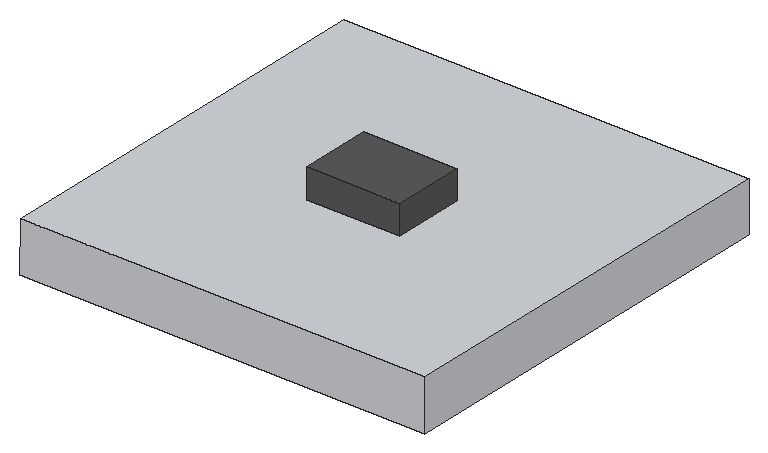
Revit family "r2018_videomax_storage", category Устройства связи, Revit 2018 (continued)
Definition of nested family "videomax_19 4U (JBOD)"
  Lines and regions (mm)
    model lines, visible <- "Front_500", detail levels fine
      curve 1922: line (-52.249, 152.797, 0) -> (-52.249, 165.029, 0)
      curve 1923: line (-40.491, 165.029, 0) -> (-37.845, 165.029, 0)
      curve 1924: line (-37.845, 165.029, 0) -> (-37.845, 152.797, 0)
      curve 1925: line (-37.845, 152.797, 0) -> (-40.491, 152.797, 0)
      curve 1926: line (-40.491, 152.797, 0) -> (-40.491, 165.029, 0)
      curve 1927: line (31.61, 22.815, 0) -> (34.255, 22.815, 0)
      curve 1928: line (34.255, 22.815, 0) -> (34.255, 10.584, 0)
      curve 1929: line (34.255, 10.584, 0) -> (31.61, 10.584, 0)
      curve 1930: line (31.61, 10.584, 0) -> (31.61, 22.815, 0)
      curve 1931: line (43.367, 22.815, 0) -> (46.013, 22.815, 0)
      curve 1932: line (46.013, 22.815, 0) -> (46.013, 10.584, 0)
      curve 1933: line (46.013, 10.584, 0) -> (43.367, 10.584, 0)
      curve 1934: line (43.367, 10.584, 0) -> (43.367, 22.815, 0)
      curve 1935: line (55.124, 22.815, 0) -> (57.77, 22.815, 0)
      curve 1936: line (57.77, 22.815, 0) -> (57.77, 10.584, 0)
      curve 1937: line (57.77, 10.584, 0) -> (55.124, 10.584, 0)
      curve 1938: line (55.124, 10.584, 0) -> (55.124, 22.815, 0)
      curve 1939: line (66.882, 22.815, 0) -> (69.528, 22.815, 0)
      curve 1940: line (69.528, 22.815, 0) -> (69.528, 10.584, 0)
      curve 1941: line (69.528, 10.584, 0) -> (66.882, 10.584, 0)
      curve 1942: line (66.882, 10.584, 0) -> (66.882, 22.815, 0)
      curve 1943: line (31.61, 51.237, 0) -> (34.255, 51.237, 0)
      curve 1944: line (34.255, 51.237, 0) -> (34.255, 39.005, 0)
      curve 1945: line (34.255, 39.005, 0) -> (31.61, 39.005, 0)
      curve 1946: line (31.61, 39.005, 0) -> (31.61, 51.237, 0)
      curve 1947: line (43.367, 51.237, 0) -> (46.013, 51.237, 0)
      curve 1948: line (46.013, 51.237, 0) -> (46.013, 39.005, 0)
      curve 1949: line (46.013, 39.005, 0) -> (43.367, 39.005, 0)
      curve 1950: line (43.367, 39.005, 0) -> (43.367, 51.237, 0)
      curve 1951: line (55.124, 51.237, 0) -> (57.77, 51.237, 0)
      curve 1952: line (57.77, 51.237, 0) -> (57.77, 39.005, 0)
      curve 1953: line (57.77, 39.005, 0) -> (55.124, 39.005, 0)
      curve 1954: line (55.124, 39.005, 0) -> (55.124, 51.237, 0)
      curve 1955: line (66.882, 51.237, 0) -> (69.528, 51.237, 0)
      curve 1956: line (69.528, 51.237, 0) -> (69.528, 39.005, 0)
      curve 1957: line (69.528, 39.005, 0) -> (66.882, 39.005, 0)
      curve 1958: line (66.882, 39.005, 0) -> (66.882, 51.237, 0)
      curve 1959: line (31.61, 79.658, 0) -> (34.255, 79.658, 0)
      curve 1960: line (34.255, 79.658, 0) -> (34.255, 67.427, 0)
      curve 1961: line (34.255, 67.427, 0) -> (31.61, 67.427, 0)
      curve 1962: line (31.61, 67.427, 0) -> (31.61, 79.658, 0)
      curve 1963: line (43.367, 79.658, 0) -> (46.013, 79.658, 0)
      curve 1964: line (46.013, 79.658, 0) -> (46.013, 67.427, 0)
      curve 1965: line (46.013, 67.427, 0) -> (43.367, 67.427, 0)
      curve 1966: line (43.367, 67.427, 0) -> (43.367, 79.658, 0)
      curve 1967: line (55.124, 79.658, 0) -> (57.77, 79.658, 0)
      curve 1968: line (57.77, 79.658, 0) -> (57.77, 67.427, 0)
      curve 1969: line (57.77, 67.427, 0) -> (55.124, 67.427, 0)
      curve 1970: line (55.124, 67.427, 0) -> (55.124, 79.658, 0)
      curve 1971: line (66.882, 79.658, 0) -> (69.528, 79.658, 0)
      curve 1972: line (69.528, 79.658, 0) -> (69.528, 67.427, 0)
      curve 1973: line (69.528, 67.427, 0) -> (66.882, 67.427, 0)
      curve 1974: line (66.882, 67.427, 0) -> (66.882, 79.658, 0)
      curve 1975: line (31.61, 108.011, 0) -> (34.255, 108.011, 0)
      curve 1976: line (34.255, 108.011, 0) -> (34.255, 95.78, 0)
      curve 1977: line (34.255, 95.78, 0) -> (31.61, 95.78, 0)
      curve 1978: line (31.61, 95.78, 0) -> (31.61, 108.011, 0)
      curve 1979: line (43.367, 108.011, 0) -> (46.013, 108.011, 0)
      curve 1980: line (46.013, 108.011, 0) -> (46.013, 95.78, 0)
      curve 1981: line (46.013, 95.78, 0) -> (43.367, 95.78, 0)
      curve 1982: line (43.367, 95.78, 0) -> (43.367, 108.011, 0)
      curve 1983: line (55.124, 108.011, 0) -> (57.77, 108.011, 0)
      curve 1984: line (57.77, 108.011, 0) -> (57.77, 95.78, 0)
      curve 1985: line (57.77, 95.78, 0) -> (55.124, 95.78, 0)
      curve 1986: line (55.124, 95.78, 0) -> (55.124, 108.011, 0)
      curve 1987: line (66.882, 108.011, 0) -> (69.528, 108.011, 0)
      curve 1988: line (69.528, 108.011, 0) -> (69.528, 95.78, 0)
      curve 1989: line (69.528, 95.78, 0) -> (66.882, 95.78, 0)
      curve 1990: line (66.882, 95.78, 0) -> (66.882, 108.011, 0)
      curve 1991: line (31.61, 136.675, 0) -> (34.255, 136.675, 0)
      curve 1992: line (34.255, 136.675, 0) -> (34.255, 124.444, 0)
      curve 1993: line (34.255, 124.444, 0) -> (31.61, 124.444, 0)
      curve 1994: line (31.61, 124.444, 0) -> (31.61, 136.675, 0)
      curve 1995: line (43.367, 136.675, 0) -> (46.013, 136.675, 0)
      curve 1996: line (46.013, 136.675, 0) -> (46.013, 124.444, 0)
      curve 1997: line (46.013, 124.444, 0) -> (43.367, 124.444, 0)
      curve 1998: line (43.367, 124.444, 0) -> (43.367, 136.675, 0)
      curve 1999: line (55.124, 136.675, 0) -> (57.77, 136.675, 0)
      curve 2000: line (57.77, 136.675, 0) -> (57.77, 124.444, 0)
      curve 2001: line (57.77, 124.444, 0) -> (55.124, 124.444, 0)
      curve 2002: line (55.124, 124.444, 0) -> (55.124, 136.675, 0)
      curve 2003: line (66.882, 136.675, 0) -> (69.528, 136.675, 0)
      curve 2004: line (69.528, 136.675, 0) -> (69.528, 124.444, 0)
      curve 2005: line (69.528, 124.444, 0) -> (66.882, 124.444, 0)
      curve 2006: line (66.882, 124.444, 0) -> (66.882, 136.675, 0)
      curve 2007: line (31.61, 165.029, 0) -> (34.255, 165.029, 0)
      curve 2008: line (34.255, 165.029, 0) -> (34.255, 152.797, 0)
      curve 2009: line (34.255, 152.797, 0) -> (31.61, 152.797, 0)
      curve 2010: line (31.61, 152.797, 0) -> (31.61, 165.029, 0)
      curve 2011: line (43.367, 165.029, 0) -> (46.013, 165.029, 0)
      curve 2012: line (46.013, 165.029, 0) -> (46.013, 152.797, 0)
      curve 2013: line (46.013, 152.797, 0) -> (43.367, 152.797, 0)
      curve 2014: line (43.367, 152.797, 0) -> (43.367, 165.029, 0)
      curve 2015: line (55.124, 165.029, 0) -> (57.77, 165.029, 0)
      curve 2016: line (57.77, 165.029, 0) -> (57.77, 152.797, 0)
      curve 2017: line (57.77, 152.797, 0) -> (55.124, 152.797, 0)
      curve 2018: line (55.124, 152.797, 0) -> (55.124, 165.029, 0)
      curve 2019: line (66.882, 165.029, 0) -> (69.528, 165.029, 0)
      curve 2020: line (69.528, 165.029, 0) -> (69.528, 152.797, 0)
      curve 2021: line (69.528, 152.797, 0) -> (66.882, 152.797, 0)
      curve 2022: line (66.882, 152.797, 0) -> (66.882, 165.029, 0)
      curve 2023: line (138.982, 22.815, 0) -> (141.628, 22.815, 0)
      curve 2024: line (141.628, 22.815, 0) -> (141.628, 10.584, 0)
      curve 2025: line (141.628, 10.584, 0) -> (138.982, 10.584, 0)
      curve 2026: line (138.982, 10.584, 0) -> (138.982, 22.815, 0)
      curve 2027: line (150.74, 22.815, 0) -> (153.386, 22.815, 0)
      curve 2028: line (153.386, 22.815, 0) -> (153.386, 10.584, 0)
      curve 2029: line (153.386, 10.584, 0) -> (150.74, 10.584, 0)
      curve 2030: line (150.74, 10.584, 0) -> (150.74, 22.815, 0)
      curve 2031: line (162.497, 22.815, 0) -> (165.143, 22.815, 0)
      curve 2032: line (165.143, 22.815, 0) -> (165.143, 10.584, 0)
      curve 2033: line (165.143, 10.584, 0) -> (162.497, 10.584, 0)
      curve 2034: line (162.497, 10.584, 0) -> (162.497, 22.815, 0)
      curve 2035: line (174.255, 22.815, 0) -> (176.901, 22.815, 0)
      curve 2036: line (176.901, 22.815, 0) -> (176.901, 10.584, 0)
      curve 2037: line (176.901, 10.584, 0) -> (174.255, 10.584, 0)
      curve 2038: line (174.255, 10.584, 0) -> (174.255, 22.815, 0)
      curve 2039: line (138.982, 51.237, 0) -> (141.628, 51.237, 0)
      curve 2040: line (141.628, 51.237, 0) -> (141.628, 39.005, 0)
      curve 2041: line (141.628, 39.005, 0) -> (138.982, 39.005, 0)
      curve 2042: line (138.982, 39.005, 0) -> (138.982, 51.237, 0)
      curve 2043: line (150.74, 51.237, 0) -> (153.386, 51.237, 0)
      curve 2044: line (153.386, 51.237, 0) -> (153.386, 39.005, 0)
      curve 2045: line (153.386, 39.005, 0) -> (150.74, 39.005, 0)
      curve 2046: line (150.74, 39.005, 0) -> (150.74, 51.237, 0)
      curve 2047: line (162.497, 51.237, 0) -> (165.143, 51.237, 0)
      curve 2048: line (165.143, 51.237, 0) -> (165.143, 39.005, 0)
      curve 2049: line (165.143, 39.005, 0) -> (162.497, 39.005, 0)
      curve 2050: line (162.497, 39.005, 0) -> (162.497, 51.237, 0)
      curve 2051: line (174.255, 51.237, 0) -> (176.901, 51.237, 0)
      curve 2052: line (176.901, 51.237, 0) -> (176.901, 39.005, 0)
      curve 2053: line (176.901, 39.005, 0) -> (174.255, 39.005, 0)
      curve 2054: line (174.255, 39.005, 0) -> (174.255, 51.237, 0)
      curve 2055: line (138.982, 79.658, 0) -> (141.628, 79.658, 0)
      curve 2056: line (141.628, 79.658, 0) -> (141.628, 67.427, 0)
      curve 2057: line (141.628, 67.427, 0) -> (138.982, 67.427, 0)
      curve 2058: line (138.982, 67.427, 0) -> (138.982, 79.658, 0)
      curve 2059: line (150.74, 79.658, 0) -> (153.386, 79.658, 0)
      curve 2060: line (153.386, 79.658, 0) -> (153.386, 67.427, 0)
      curve 2061: line (153.386, 67.427, 0) -> (150.74, 67.427, 0)
      curve 2062: line (150.74, 67.427, 0) -> (150.74, 79.658, 0)
      curve 2063: line (162.497, 79.658, 0) -> (165.143, 79.658, 0)
      curve 2064: line (165.143, 79.658, 0) -> (165.143, 67.427, 0)
      curve 2065: line (165.143, 67.427, 0) -> (162.497, 67.427, 0)
      curve 2066: line (162.497, 67.427, 0) -> (162.497, 79.658, 0)
      curve 2067: line (174.255, 79.658, 0) -> (176.901, 79.658, 0)
      curve 2068: line (176.901, 79.658, 0) -> (176.901, 67.427, 0)
      curve 2069: line (176.901, 67.427, 0) -> (174.255, 67.427, 0)
      curve 2070: line (174.255, 67.427, 0) -> (174.255, 79.658, 0)
      curve 2071: line (138.982, 108.011, 0) -> (141.628, 108.011, 0)
      curve 2072: line (141.628, 108.011, 0) -> (141.628, 95.78, 0)
      curve 2073: line (141.628, 95.78, 0) -> (138.982, 95.78, 0)
      curve 2074: line (138.982, 95.78, 0) -> (138.982, 108.011, 0)
      curve 2075: line (150.74, 108.011, 0) -> (153.386, 108.011, 0)
      curve 2076: line (153.386, 108.011, 0) -> (153.386, 95.78, 0)
      curve 2077: line (153.386, 95.78, 0) -> (150.74, 95.78, 0)
      curve 2078: line (150.74, 95.78, 0) -> (150.74, 108.011, 0)
      curve 2079: line (162.497, 108.011, 0) -> (165.143, 108.011, 0)
      curve 2080: line (165.143, 108.011, 0) -> (165.143, 95.78, 0)
      curve 2081: line (165.143, 95.78, 0) -> (162.497, 95.78, 0)
      curve 2082: line (162.497, 95.78, 0) -> (162.497, 108.011, 0)
      curve 2083: line (174.255, 108.011, 0) -> (176.901, 108.011, 0)
      curve 2084: line (176.901, 108.011, 0) -> (176.901, 95.78, 0)
      curve 2085: line (176.901, 95.78, 0) -> (174.255, 95.78, 0)
      curve 2086: line (174.255, 95.78, 0) -> (174.255, 108.011, 0)
      curve 2087: line (138.982, 136.675, 0) -> (141.628, 136.675, 0)
      curve 2088: line (141.628, 136.675, 0) -> (141.628, 124.444, 0)
      curve 2089: line (141.628, 124.444, 0) -> (138.982, 124.444, 0)
      curve 2090: line (138.982, 124.444, 0) -> (138.982, 136.675, 0)
      curve 2091: line (150.74, 136.675, 0) -> (153.386, 136.675, 0)
      curve 2092: line (153.386, 136.675, 0) -> (153.386, 124.444, 0)
      curve 2093: line (153.386, 124.444, 0) -> (150.74, 124.444, 0)
      curve 2094: line (150.74, 124.444, 0) -> (150.74, 136.675, 0)
      curve 2095: line (162.497, 136.675, 0) -> (165.143, 136.675, 0)
      curve 2096: line (165.143, 136.675, 0) -> (165.143, 124.444, 0)
      curve 2097: line (165.143, 124.444, 0) -> (162.497, 124.444, 0)
      curve 2098: line (162.497, 124.444, 0) -> (162.497, 136.675, 0)
      curve 2099: line (174.255, 136.675, 0) -> (176.901, 136.675, 0)
      curve 2100: line (176.901, 136.675, 0) -> (176.901, 124.444, 0)
      curve 2101: line (176.901, 124.444, 0) -> (174.255, 124.444, 0)
      curve 2102: line (174.255, 124.444, 0) -> (174.255, 136.675, 0)
      curve 2103: line (138.982, 165.029, 0) -> (141.628, 165.029, 0)
      curve 2104: line (141.628, 165.029, 0) -> (141.628, 152.797, 0)
      curve 2105: line (141.628, 152.797, 0) -> (138.982, 152.797, 0)
      curve 2106: line (138.982, 152.797, 0) -> (138.982, 165.029, 0)
      curve 2107: line (150.74, 165.029, 0) -> (153.386, 165.029, 0)
      curve 2108: line (153.386, 165.029, 0) -> (153.386, 152.797, 0)
      curve 2109: line (153.386, 152.797, 0) -> (150.74, 152.797, 0)
      curve 2110: line (150.74, 152.797, 0) -> (150.74, 165.029, 0)
      curve 2111: line (162.497, 165.029, 0) -> (165.143, 165.029, 0)
      curve 2112: line (165.143, 165.029, 0) -> (165.143, 152.797, 0)
      curve 2113: line (165.143, 152.797, 0) -> (162.497, 152.797, 0)
      curve 2114: line (162.497, 152.797, 0) -> (162.497, 165.029, 0)
      curve 2115: line (174.255, 165.029, 0) -> (176.901, 165.029, 0)
      curve 2116: line (176.901, 165.029, 0) -> (176.901, 152.797, 0)
      curve 2117: line (176.901, 152.797, 0) -> (174.255, 152.797, 0)
      curve 2118: line (174.255, 152.797, 0) -> (174.255, 165.029, 0)
      curve 2130: line (-211.734, 117.464, 0) -> (-147.326, 121.564, 0)
      curve 2131: line (-147.326, 121.564, 0) -> (-125.081, 122.307, 0)
      curve 2132: line (-125.081, 122.307, 0) -> (-125.081, 123.692, 0)
      curve 2133: line (-125.081, 123.692, 0) -> (-128.629, 126.302, 0)
      curve 2134: line (-128.629, 126.302, 0) -> (-130.638, 128.933, 0)
      curve 2135: line (-130.638, 128.933, 0) -> (-131.015, 131.528, 0)
      curve 2136: line (-131.015, 131.528, 0) -> (-129.636, 134.077, 0)
      curve 2137: line (-129.636, 134.077, 0) -> (-126.503, 136.527, 0)
      curve 2138: line (-126.503, 136.527, 0) -> (-125.077, 137.366, 0)
      curve 2139: line (-125.077, 137.366, 0) -> (-125.077, 138.768, 0)
      curve 2140: line (-125.077, 138.768, 0) -> (-148.782, 139.351, 0)
      curve 2141: line (-148.782, 139.351, 0) -> (-181.794, 140.916, 0)
      curve 2142: line (-181.794, 140.916, 0) -> (-209.644, 143.538, 0)
      curve 2143: line (-191.444, 141.824, 0) -> (-112.125, 141.824, 0)
      curve 2144: line (-112.125, 141.824, 0) -> (-112.125, 119.094, 0)
      curve 2145: line (-112.125, 119.094, 0) -> (-186.118, 119.094, 0)
      curve 2146: line (-126.583, 136.465, 0) -> (-126.583, 124.869, 0)
      curve 2154: line (-211.734, 145.817, 0) -> (-147.326, 149.917, 0)
      curve 2155: line (-147.326, 149.917, 0) -> (-125.081, 150.66, 0)
      curve 2156: line (-125.081, 150.66, 0) -> (-125.081, 152.045, 0)
      curve 2157: line (-125.081, 152.045, 0) -> (-128.629, 154.656, 0)
      curve 2158: line (-128.629, 154.656, 0) -> (-130.638, 157.286, 0)
      curve 2159: line (-130.638, 157.286, 0) -> (-131.015, 159.881, 0)
      curve 2160: line (-131.015, 159.881, 0) -> (-129.636, 162.431, 0)
      curve 2161: line (-129.636, 162.431, 0) -> (-126.503, 164.881, 0)
      curve 2162: line (-126.503, 164.881, 0) -> (-125.077, 165.719, 0)
      curve 2163: line (-125.077, 165.719, 0) -> (-125.077, 167.122, 0)
      curve 2164: line (-125.077, 167.122, 0) -> (-148.782, 167.704, 0)
      curve 2165: line (-148.782, 167.704, 0) -> (-181.794, 169.269, 0)
      curve 2166: line (-181.794, 169.269, 0) -> (-209.644, 171.891, 0)
      curve 2167: line (-191.444, 170.178, 0) -> (-112.125, 170.178, 0)
      curve 2168: line (-112.125, 170.178, 0) -> (-112.125, 147.448, 0)
      curve 2169: line (-112.125, 147.448, 0) -> (-186.118, 147.448, 0)
      curve 2170: line (-126.583, 164.818, 0) -> (-126.583, 153.223, 0)
      curve 2178: line (-104.361, 145.817, 0) -> (-39.953, 149.917, 0)
      curve 2179: line (-39.953, 149.917, 0) -> (-17.708, 150.66, 0)
      curve 2180: line (-17.708, 150.66, 0) -> (-17.708, 152.045, 0)
      curve 2181: line (-17.708, 152.045, 0) -> (-21.256, 154.656, 0)
      curve 2182: line (-21.256, 154.656, 0) -> (-23.265, 157.286, 0)
      curve 2183: line (-23.265, 157.286, 0) -> (-23.642, 159.881, 0)
      curve 2184: line (-23.642, 159.881, 0) -> (-22.263, 162.431, 0)
      curve 2185: line (-22.263, 162.431, 0) -> (-19.13, 164.881, 0)
      curve 2186: line (-19.13, 164.881, 0) -> (-17.704, 165.719, 0)
      curve 2187: line (-17.704, 165.719, 0) -> (-17.704, 167.122, 0)
      curve 2188: line (-17.704, 167.122, 0) -> (-41.409, 167.704, 0)
      curve 2189: line (-41.409, 167.704, 0) -> (-74.421, 169.269, 0)
      curve 2190: line (-74.421, 169.269, 0) -> (-102.271, 171.891, 0)
      curve 2191: line (-84.071, 170.178, 0) -> (-4.752, 170.178, 0)
      curve 2192: line (-4.752, 170.178, 0) -> (-4.752, 147.448, 0)
      curve 2193: line (-4.752, 147.448, 0) -> (-78.746, 147.448, 0)
      curve 2194: line (-19.21, 164.818, 0) -> (-19.21, 153.223, 0)
      curve 2202: line (-104.361, 117.464, 0) -> (-39.953, 121.564, 0)
      curve 2203: line (-39.953, 121.564, 0) -> (-17.708, 122.307, 0)
      curve 2204: line (-17.708, 122.307, 0) -> (-17.708, 123.692, 0)
      curve 2205: line (-17.708, 123.692, 0) -> (-21.256, 126.302, 0)
      curve 2206: line (-21.256, 126.302, 0) -> (-23.265, 128.933, 0)
      curve 2207: line (-23.265, 128.933, 0) -> (-23.642, 131.528, 0)
      curve 2208: line (-23.642, 131.528, 0) -> (-22.263, 134.077, 0)
      curve 2209: line (-22.263, 134.077, 0) -> (-19.13, 136.527, 0)
      curve 2210: line (-19.13, 136.527, 0) -> (-17.704, 137.366, 0)
      curve 2211: line (-17.704, 137.366, 0) -> (-17.704, 138.768, 0)
      curve 2212: line (-17.704, 138.768, 0) -> (-41.409, 139.351, 0)
      curve 2213: line (-41.409, 139.351, 0) -> (-74.421, 140.916, 0)
      curve 2214: line (-74.421, 140.916, 0) -> (-102.271, 143.538, 0)
      curve 2215: line (-84.071, 141.824, 0) -> (-4.752, 141.824, 0)
      curve 2216: line (-4.752, 141.824, 0) -> (-4.752, 119.094, 0)
      curve 2217: line (-4.752, 119.094, 0) -> (-78.746, 119.094, 0)
      curve 2218: line (-19.21, 136.465, 0) -> (-19.21, 124.869, 0)
      curve 2226: line (3.012, 117.464, 0) -> (67.42, 121.564, 0)
      curve 2227: line (67.42, 121.564, 0) -> (89.665, 122.307, 0)
      curve 2228: line (89.665, 122.307, 0) -> (89.665, 123.692, 0)
      curve 2229: line (89.665, 123.692, 0) -> (86.117, 126.302, 0)
      curve 2230: line (86.117, 126.302, 0) -> (84.108, 128.933, 0)
      curve 2231: line (84.108, 128.933, 0) -> (83.731, 131.528, 0)
      curve 2232: line (83.731, 131.528, 0) -> (85.11, 134.077, 0)
      curve 2233: line (85.11, 134.077, 0) -> (88.243, 136.527, 0)
      curve 2234: line (88.243, 136.527, 0) -> (89.669, 137.366, 0)
      curve 2235: line (89.669, 137.366, 0) -> (89.669, 138.768, 0)
      curve 2236: line (89.669, 138.768, 0) -> (65.964, 139.351, 0)
      curve 2237: line (65.964, 139.351, 0) -> (32.952, 140.916, 0)
      curve 2238: line (32.952, 140.916, 0) -> (5.102, 143.538, 0)
      curve 2239: line (23.302, 141.824, 0) -> (102.621, 141.824, 0)
      curve 2240: line (102.621, 141.824, 0) -> (102.621, 119.094, 0)
      curve 2241: line (102.621, 119.094, 0) -> (28.627, 119.094, 0)
      curve 2242: line (88.163, 136.465, 0) -> (88.163, 124.869, 0)
      curve 2250: line (3.012, 145.817, 0) -> (67.42, 149.917, 0)
      curve 2251: line (67.42, 149.917, 0) -> (89.665, 150.66, 0)
      curve 2252: line (89.665, 150.66, 0) -> (89.665, 152.045, 0)
      curve 2253: line (89.665, 152.045, 0) -> (86.117, 154.656, 0)
      curve 2254: line (86.117, 154.656, 0) -> (84.108, 157.286, 0)
      curve 2255: line (84.108, 157.286, 0) -> (83.731, 159.881, 0)
      curve 2256: line (83.731, 159.881, 0) -> (85.11, 162.431, 0)
      curve 2257: line (85.11, 162.431, 0) -> (88.243, 164.881, 0)
      curve 2258: line (88.243, 164.881, 0) -> (89.669, 165.719, 0)
      curve 2259: line (89.669, 165.719, 0) -> (89.669, 167.122, 0)
      curve 2260: line (89.669, 167.122, 0) -> (65.964, 167.704, 0)
      curve 2261: line (65.964, 167.704, 0) -> (32.952, 169.269, 0)
      curve 2262: line (32.952, 169.269, 0) -> (5.102, 171.891, 0)
      curve 2263: line (23.302, 170.178, 0) -> (102.621, 170.178, 0)
      curve 2264: line (102.621, 170.178, 0) -> (102.621, 147.448, 0)
      curve 2265: line (102.621, 147.448, 0) -> (28.627, 147.448, 0)
      curve 2266: line (88.163, 164.818, 0) -> (88.163, 153.223, 0)
      curve 2274: line (110.385, 145.817, 0) -> (174.793, 149.917, 0)
      curve 2275: line (174.793, 149.917, 0) -> (197.038, 150.66, 0)
      curve 2276: line (197.038, 150.66, 0) -> (197.038, 152.045, 0)
      curve 2277: line (197.038, 152.045, 0) -> (193.49, 154.656, 0)
      curve 2278: line (193.49, 154.656, 0) -> (191.481, 157.286, 0)
      curve 2279: line (191.481, 157.286, 0) -> (191.104, 159.881, 0)
      curve 2280: line (191.104, 159.881, 0) -> (192.483, 162.431, 0)
      curve 2281: line (192.483, 162.431, 0) -> (195.616, 164.881, 0)
      curve 2282: line (195.616, 164.881, 0) -> (197.042, 165.719, 0)
      curve 2283: line (197.042, 165.719, 0) -> (197.042, 167.122, 0)
      curve 2284: line (197.042, 167.122, 0) -> (173.337, 167.704, 0)
      curve 2285: line (173.337, 167.704, 0) -> (140.325, 169.269, 0)
      curve 2286: line (140.325, 169.269, 0) -> (112.475, 171.891, 0)
      curve 2287: line (130.675, 170.178, 0) -> (209.993, 170.178, 0)
      curve 2288: line (209.993, 170.178, 0) -> (209.993, 147.448, 0)
      curve 2289: line (209.993, 147.448, 0) -> (136, 147.448, 0)
      curve 2290: line (195.536, 164.818, 0) -> (195.536, 153.223, 0)
      curve 2298: line (110.385, 117.464, 0) -> (174.793, 121.564, 0)
      curve 2299: line (174.793, 121.564, 0) -> (197.038, 122.307, 0)
      curve 2300: line (197.038, 122.307, 0) -> (197.038, 123.692, 0)
      curve 2301: line (197.038, 123.692, 0) -> (193.49, 126.302, 0)
      curve 2302: line (193.49, 126.302, 0) -> (191.481, 128.933, 0)
      curve 2303: line (191.481, 128.933, 0) -> (191.104, 131.528, 0)
      curve 2304: line (191.104, 131.528, 0) -> (192.483, 134.077, 0)
      curve 2305: line (192.483, 134.077, 0) -> (195.616, 136.527, 0)
      curve 2306: line (195.616, 136.527, 0) -> (197.042, 137.366, 0)
      curve 2307: line (197.042, 137.366, 0) -> (197.042, 138.768, 0)
      curve 2308: line (197.042, 138.768, 0) -> (173.337, 139.351, 0)
      curve 2309: line (173.337, 139.351, 0) -> (140.325, 140.916, 0)
      curve 2310: line (140.325, 140.916, 0) -> (112.475, 143.538, 0)
      curve 2311: line (130.675, 141.824, 0) -> (209.993, 141.824, 0)
      curve 2312: line (209.993, 141.824, 0) -> (209.993, 119.094, 0)
      curve 2313: line (209.993, 119.094, 0) -> (136, 119.094, 0)
      curve 2314: line (195.536, 136.465, 0) -> (195.536, 124.869, 0)
      curve 3513: arc (475.852, 1356.819, 0) -> (476.176, 1357.62, 0) -> (476.977, 1357.944, 0) r 1.107
      curve 3514: arc (498.983, 1357.944, 0) -> (499.824, 1357.614, 0) -> (500.154, 1356.773, 0) r 1.13
      curve 3515: arc (500.154, 1334.759, 0) -> (499.78, 1333.934, 0) -> (498.922, 1333.642, 0) r 1.142
      curve 3516: arc (476.827, 1333.642, 0) -> (476.15, 1333.997, 0) -> (475.852, 1334.701, 0) r 1.134
      curve 3517: arc (479.261, 1340.402, 0) -> (479.115, 1340.171, 0) -> (478.877, 1340.037, 0) r 0.558
      curve 3518: arc (478.877, 1340.037, 0) -> (478.636, 1340.008, 0) -> (478.395, 1340.037, 0) r 1.018
      curve 3519: arc (478.395, 1340.037, 0) -> (478.155, 1340.171, 0) -> (478.009, 1340.402, 0) r 0.555
      curve 3520: arc (482.98, 1342.545, 0) -> (483.54, 1342.399, 0) -> (483.887, 1341.936, 0) r 0.876
      curve 3521: arc (483.887, 1341.936, 0) -> (483.954, 1341.243, 0) -> (483.863, 1340.553, 0) r 3.077
      curve 3522: arc (483.863, 1340.553, 0) -> (483.516, 1340.146, 0) -> (482.992, 1340.037, 0) r 0.826
      curve 3523: arc (481.865, 1340.037, 0) -> (481.577, 1340.123, 0) -> (481.454, 1340.398, 0) r 0.361
      curve 3524: arc (481.454, 1342.113, 0) -> (481.539, 1342.423, 0) -> (481.837, 1342.545, 0) r 0.365
      curve 3525: arc (482.263, 1341.784, 0) -> (482.283, 1341.88, 0) -> (482.363, 1341.936, 0) r 0.131
      curve 3526: arc (482.363, 1341.936, 0) -> (482.524, 1341.943, 0) -> (482.685, 1341.936, 0) r 1.814
      curve 3527: arc (482.685, 1341.936, 0) -> (482.953, 1341.837, 0) -> (483.092, 1341.589, 0) r 0.413
      curve 3528: arc (483.092, 1341.589, 0) -> (483.123, 1341.317, 0) -> (483.104, 1341.044, 0) r 1.504
      curve 3529: arc (483.104, 1341.044, 0) -> (483.029, 1340.825, 0) -> (482.838, 1340.695, 0) r 0.366
      curve 3530: arc (482.838, 1340.695, 0) -> (482.636, 1340.662, 0) -> (482.431, 1340.66, 0) r 1.363
      curve 3531: arc (482.431, 1340.66, 0) -> (482.311, 1340.693, 0) -> (482.263, 1340.808, 0) r 0.141
      curve 3532: arc (484.241, 1342.171, 0) -> (484.344, 1342.442, 0) -> (484.615, 1342.545, 0) r 0.354
      curve 3533: arc (485.199, 1341.936, 0) -> (485.09, 1341.9, 0) -> (485.05, 1341.792, 0) r 0.132
      curve 3534: arc (485.05, 1340.772, 0) -> (485.099, 1340.667, 0) -> (485.213, 1340.646, 0) r 0.125
      curve 3535: arc (484.66, 1340.037, 0) -> (484.347, 1340.13, 0) -> (484.241, 1340.438, 0) r 0.357
      curve 3536: arc (486.708, 1341.936, 0) -> (486.993, 1342.37, 0) -> (487.481, 1342.545, 0) r 0.819
      curve 3537: arc (487.481, 1342.545, 0) -> (488.024, 1342.574, 0) -> (488.567, 1342.545, 0) r 5.104
      curve 3538: arc (488.567, 1342.545, 0) -> (489.057, 1342.372, 0) -> (489.34, 1341.936, 0) r 0.806
      curve 3539: arc (489.34, 1341.936, 0) -> (489.403, 1341.243, 0) -> (489.307, 1340.553, 0) r 3.047
      curve 3540: arc (489.307, 1340.553, 0) -> (489.014, 1340.184, 0) -> (488.565, 1340.037, 0) r 0.821
      curve 3541: arc (488.565, 1340.037, 0) -> (488.029, 1340.008, 0) -> (487.492, 1340.037, 0) r 5.02
      curve 3542: arc (487.492, 1340.037, 0) -> (487.037, 1340.18, 0) -> (486.74, 1340.553, 0) r 0.813
      curve 3543: arc (486.74, 1340.553, 0) -> (486.645, 1341.243, 0) -> (486.708, 1341.936, 0) r 3.045
      curve 3544: arc (487.494, 1341.589, 0) -> (487.605, 1341.814, 0) -> (487.825, 1341.936, 0) r 0.418
      curve 3545: arc (487.825, 1341.936, 0) -> (488.031, 1341.95, 0) -> (488.237, 1341.935, 0) r 1.432
      curve 3546: arc (488.237, 1341.935, 0) -> (488.448, 1341.809, 0) -> (488.557, 1341.589, 0) r 0.431
      curve 3547: arc (488.557, 1341.589, 0) -> (488.572, 1341.316, 0) -> (488.563, 1341.044, 0) r 2.949
      curve 3548: arc (488.563, 1341.044, 0) -> (488.449, 1340.777, 0) -> (488.19, 1340.646, 0) r 0.422
      curve 3549: arc (488.19, 1340.646, 0) -> (488.004, 1340.632, 0) -> (487.818, 1340.646, 0) r 1.213
      curve 3550: arc (487.818, 1340.646, 0) -> (487.586, 1340.789, 0) -> (487.494, 1341.044, 0) r 0.411
      curve 3551: arc (487.494, 1341.044, 0) -> (487.476, 1341.316, 0) -> (487.494, 1341.589, 0) r 2.006
      curve 3552: arc (490.955, 1340.31, 0) -> (491.047, 1340.135, 0) -> (491.216, 1340.034, 0) r 0.364
      curve 3553: arc (491.634, 1340.032, 0) -> (491.806, 1340.133, 0) -> (491.9, 1340.31, 0) r 0.364
      curve 3554: arc (493.168, 1342.14, 0) -> (493.077, 1342.409, 0) -> (492.827, 1342.545, 0) r 0.391
      curve 3555: arc (492.827, 1342.545, 0) -> (492.557, 1342.574, 0) -> (492.287, 1342.545, 0) r 1.276
      curve 3556: arc (492.287, 1342.545, 0) -> (492.049, 1342.407, 0) -> (491.911, 1342.17, 0) r 0.535
      curve 3557: arc (491.498, 1340.925, 0) -> (491.428, 1340.858, 0) -> (491.357, 1340.925, 0) r 0.071
      curve 3558: arc (490.941, 1342.175, 0) -> (490.803, 1342.409, 0) -> (490.569, 1342.545, 0) r 0.537
      curve 3559: arc (490.569, 1342.545, 0) -> (490.3, 1342.574, 0) -> (490.031, 1342.545, 0) r 1.263
      curve 3560: arc (490.031, 1342.545, 0) -> (489.785, 1342.408, 0) -> (489.69, 1342.143, 0) r 0.398
      curve 3561: arc (495.313, 1342.273, 0) -> (495.199, 1342.444, 0) -> (495.02, 1342.545, 0) r 0.437
      curve 3562: arc (495.02, 1342.545, 0) -> (494.745, 1342.574, 0) -> (494.47, 1342.545, 0) r 1.324
      curve 3563: arc (494.47, 1342.545, 0) -> (494.284, 1342.449, 0) -> (494.17, 1342.273, 0) r 0.406
      curve 3564: arc (483.03, 1347.167, 0) -> (483.134, 1347.092, 0) -> (483.239, 1347.167, 0) r 0.11
      curve 3565: arc (484.502, 1350.541, 0) -> (484.969, 1351.229, 0) -> (485.736, 1351.552, 0) r 1.465
      curve 3566: arc (485.736, 1351.552, 0) -> (486.256, 1351.575, 0) -> (486.771, 1351.501, 0) r 2.783
      curve 3567: arc (484.74, 1346.082, 0) -> (484.365, 1345.49, 0) -> (483.754, 1345.146, 0) r 1.431
      curve 3568: arc (483.754, 1345.146, 0) -> (483.136, 1345.072, 0) -> (482.517, 1345.145, 0) r 2.611
      curve 3569: arc (482.517, 1345.145, 0) -> (481.904, 1345.488, 0) -> (481.528, 1346.082, 0) r 1.424
      curve 3570: arc (487.317, 1351.188, 0) -> (487.559, 1350.893, 0) -> (487.732, 1350.553, 0) r 1.748
      curve 3571: arc (490.018, 1350.559, 0) -> (490.309, 1351.063, 0) -> (490.77, 1351.417, 0) r 1.492
      curve 3572: arc (490.77, 1351.417, 0) -> (491.616, 1351.578, 0) -> (492.464, 1351.427, 0) r 2.382
      curve 3573: arc (492.464, 1351.427, 0) -> (492.94, 1351.072, 0) -> (493.238, 1350.559, 0) r 1.485
      curve 3574: arc (491.76, 1349.4, 0) -> (491.628, 1349.506, 0) -> (491.497, 1349.4, 0) r 0.135
      curve 3598: line (48.361, 1356.077, 0) -> (112.768, 1360.177, 0)
      curve 3599: line (112.768, 1360.177, 0) -> (135.013, 1360.92, 0)
      curve 3600: line (135.013, 1360.92, 0) -> (135.013, 1362.305, 0)
      curve 3601: line (135.013, 1362.305, 0) -> (131.465, 1364.916, 0)
      curve 3602: line (131.465, 1364.916, 0) -> (129.457, 1367.546, 0)
      curve 3603: line (129.457, 1367.546, 0) -> (129.08, 1370.142, 0)
      curve 3604: line (129.08, 1370.142, 0) -> (130.458, 1372.691, 0)
      curve 3605: line (130.458, 1372.691, 0) -> (133.591, 1375.141, 0)
      curve 3606: line (133.591, 1375.141, 0) -> (135.018, 1375.979, 0)
      curve 3607: line (135.018, 1375.979, 0) -> (135.018, 1377.382, 0)
      curve 3608: line (135.018, 1377.382, 0) -> (111.313, 1377.964, 0)
      curve 3609: line (111.313, 1377.964, 0) -> (78.301, 1379.529, 0)
      curve 3610: line (78.301, 1379.529, 0) -> (50.451, 1382.151, 0)
      curve 3611: line (68.65, 1380.438, 0) -> (147.969, 1380.438, 0)
      curve 3612: line (147.969, 1380.438, 0) -> (147.969, 1357.708, 0)
      curve 3613: line (147.969, 1357.708, 0) -> (73.976, 1357.708, 0)
      curve 3614: line (133.511, 1375.078, 0) -> (133.511, 1363.483, 0)
      curve 3615: line (474.661, 1388.344, 0) -> (480.867, 1388.344, 0)
      curve 3616: line (480.867, 1388.344, 0) -> (480.867, 1374.183, 0)
      curve 3617: line (480.867, 1374.183, 0) -> (477.731, 1374.022, 0)
      curve 3618: line (477.731, 1374.022, 0) -> (474.595, 1374.637, 0)
      curve 3619: line (474.595, 1374.637, 0) -> (474.661, 1388.344, 0)
      curve 3620: line (478.46, 1386.212, 0) -> (478.46, 1376.15, 0)
      curve 3621: line (474.661, 1359.689, 0) -> (480.867, 1359.689, 0)
      curve 3622: line (480.867, 1359.689, 0) -> (480.867, 1373.851, 0)
      curve 3623: line (480.867, 1373.851, 0) -> (477.731, 1374.012, 0)
      curve 3624: line (477.731, 1374.012, 0) -> (474.595, 1373.396, 0)
      curve 3625: line (474.595, 1373.396, 0) -> (474.661, 1359.689, 0)
      curve 3626: line (478.46, 1361.822, 0) -> (478.46, 1371.883, 0)
      curve 3627: line (476.977, 1357.944, 0) -> (498.983, 1357.944, 0)
      curve 3628: line (500.154, 1356.773, 0) -> (500.154, 1334.759, 0)
      curve 3629: line (498.922, 1333.642, 0) -> (476.827, 1333.642, 0)
      curve 3630: line (475.852, 1334.701, 0) -> (475.852, 1356.819, 0)
      curve 3631: line (494.484, 1341.126, 0) -> (494.997, 1341.126, 0)
      curve 3632: line (494.997, 1341.126, 0) -> (494.772, 1341.765, 0)
      curve 3633: line (494.772, 1341.765, 0) -> (494.484, 1341.126, 0)
      curve 3634: line (478.009, 1340.402, 0) -> (477.134, 1342.545, 0)
      curve 3635: line (477.134, 1342.545, 0) -> (478.001, 1342.545, 0)
      curve 3636: line (478.001, 1342.545, 0) -> (478.595, 1340.825, 0)
      curve 3637: line (478.595, 1340.825, 0) -> (479.279, 1342.545, 0)
      curve 3638: line (479.279, 1342.545, 0) -> (480.136, 1342.545, 0)
      curve 3639: line (480.136, 1342.545, 0) -> (479.261, 1340.402, 0)
      curve 3640: line (480.288, 1342.545, 0) -> (481.095, 1342.545, 0)
      curve 3641: line (481.095, 1342.545, 0) -> (481.095, 1340.037, 0)
      curve 3642: line (481.095, 1340.037, 0) -> (480.288, 1340.037, 0)
      curve 3643: line (480.288, 1340.037, 0) -> (480.288, 1342.545, 0)
      curve 3644: line (481.837, 1342.545, 0) -> (482.98, 1342.545, 0)
      curve 3645: line (482.992, 1340.037, 0) -> (481.865, 1340.037, 0)
      curve 3646: line (481.454, 1340.398, 0) -> (481.454, 1342.113, 0)
      curve 3647: line (482.263, 1340.808, 0) -> (482.263, 1341.784, 0)
      curve 3648: line (484.615, 1342.545, 0) -> (486.455, 1342.545, 0)
      curve 3649: line (486.455, 1342.545, 0) -> (486.455, 1341.936, 0)
      curve 3650: line (486.455, 1341.936, 0) -> (485.199, 1341.936, 0)
      curve 3651: line (485.199, 1341.936, 0) -> (485.05, 1341.589, 0)
      curve 3652: line (485.05, 1341.589, 0) -> (486.419, 1341.589, 0)
      curve 3653: line (486.419, 1341.589, 0) -> (486.419, 1341.044, 0)
      curve 3654: line (486.419, 1341.044, 0) -> (485.05, 1341.044, 0)
      curve 3655: line (485.05, 1341.044, 0) -> (485.05, 1340.772, 0)
      curve 3656: line (485.213, 1340.646, 0) -> (486.455, 1340.646, 0)
      curve 3657: line (486.455, 1340.646, 0) -> (486.455, 1340.037, 0)
      curve 3658: line (486.455, 1340.037, 0) -> (484.66, 1340.037, 0)
      curve 3659: line (484.241, 1340.438, 0) -> (484.241, 1342.171, 0)
      curve 3660: line (489.69, 1342.143, 0) -> (489.69, 1340.037, 0)
      curve 3661: line (489.69, 1340.037, 0) -> (490.503, 1340.037, 0)
      curve 3662: line (490.503, 1340.037, 0) -> (490.478, 1341.589, 0)
      curve 3663: line (490.478, 1341.589, 0) -> (490.955, 1340.31, 0)
      curve 3664: line (491.216, 1340.036, 0) -> (491.412, 1340.008, 0)
      curve 3665: line (491.412, 1340.008, 0) -> (491.634, 1340.032, 0)
      curve 3666: line (491.9, 1340.31, 0) -> (492.308, 1341.588, 0)
      curve 3667: line (492.308, 1341.588, 0) -> (492.352, 1340.037, 0)
      curve 3668: line (492.352, 1340.037, 0) -> (493.168, 1340.037, 0)
      curve 3669: line (493.168, 1340.037, 0) -> (493.168, 1342.14, 0)
      curve 3670: line (491.911, 1342.17, 0) -> (491.498, 1340.925, 0)
      curve 3671: line (491.498, 1340.925, 0) -> (490.941, 1342.175, 0)
      curve 3672: line (496.056, 1342.545, 0) -> (497.023, 1342.545, 0)
      curve 3673: line (497.023, 1342.545, 0) -> (497.45, 1341.875, 0)
      curve 3674: line (497.45, 1341.875, 0) -> (497.876, 1342.545, 0)
      curve 3675: line (497.876, 1342.545, 0) -> (498.844, 1342.545, 0)
      curve 3676: line (498.844, 1342.545, 0) -> (497.923, 1341.309, 0)
      curve 3677: line (497.923, 1341.309, 0) -> (498.872, 1340.037, 0)
      curve 3678: line (498.872, 1340.037, 0) -> (497.907, 1340.037, 0)
      curve 3679: line (497.907, 1340.037, 0) -> (497.45, 1340.743, 0)
      curve 3680: line (497.45, 1340.743, 0) -> (496.995, 1340.037, 0)
      curve 3681: line (496.995, 1340.037, 0) -> (496.033, 1340.037, 0)
      curve 3682: line (496.033, 1340.037, 0) -> (496.977, 1341.309, 0)
      curve 3683: line (496.977, 1341.309, 0) -> (496.056, 1342.545, 0)
      curve 3684: line (494.17, 1342.273, 0) -> (493.241, 1340.037, 0)
      curve 3685: line (493.241, 1340.037, 0) -> (494.093, 1340.037, 0)
      curve 3686: line (494.093, 1340.037, 0) -> (494.29, 1340.553, 0)
      curve 3687: line (494.29, 1340.553, 0) -> (495.193, 1340.553, 0)
      curve 3688: line (495.193, 1340.553, 0) -> (495.39, 1340.037, 0)
      curve 3689: line (495.39, 1340.037, 0) -> (496.237, 1340.037, 0)
      curve 3690: line (496.237, 1340.037, 0) -> (495.313, 1342.273, 0)
      curve 3691: line (481.528, 1346.082, 0) -> (479.284, 1351.578, 0)
      curve 3692: line (479.284, 1351.578, 0) -> (481.508, 1351.578, 0)
      curve 3693: line (481.508, 1351.578, 0) -> (483.03, 1347.167, 0)
      curve 3694: line (483.239, 1347.167, 0) -> (484.502, 1350.541, 0)
      curve 3695: line (486.771, 1351.501, 0) -> (484.74, 1346.082, 0)
      curve 3696: line (487.732, 1350.553, 0) -> (488.874, 1347.758, 0)
      curve 3697: line (488.874, 1347.758, 0) -> (490.018, 1350.559, 0)
      curve 3698: line (493.238, 1350.559, 0) -> (495.481, 1345.067, 0)
      curve 3699: line (495.481, 1345.067, 0) -> (493.256, 1345.067, 0)
      curve 3700: line (493.256, 1345.067, 0) -> (491.76, 1349.4, 0)
      curve 3701: line (491.497, 1349.4, 0) -> (489.987, 1345.067, 0)
      curve 3702: line (489.987, 1345.067, 0) -> (487.761, 1345.067, 0)
      curve 3703: line (487.761, 1345.067, 0) -> (486.44, 1348.841, 0)
      curve 3704: line (486.44, 1348.841, 0) -> (487.317, 1351.188, 0)
      curve 3712: line (48.359, 1327.72, 0) -> (112.767, 1331.819, 0)
      curve 3713: line (112.767, 1331.819, 0) -> (135.012, 1332.562, 0)
      curve 3714: line (135.012, 1332.562, 0) -> (135.012, 1333.947, 0)
      curve 3715: line (135.012, 1333.947, 0) -> (131.464, 1336.558, 0)
      curve 3716: line (131.464, 1336.558, 0) -> (129.455, 1339.188, 0)
      curve 3717: line (129.455, 1339.188, 0) -> (129.078, 1341.784, 0)
      curve 3718: line (129.078, 1341.784, 0) -> (130.457, 1344.333, 0)
      curve 3719: line (130.457, 1344.333, 0) -> (133.59, 1346.783, 0)
      curve 3720: line (133.59, 1346.783, 0) -> (135.016, 1347.621, 0)
      curve 3721: line (135.016, 1347.621, 0) -> (135.016, 1349.024, 0)
      curve 3722: line (135.016, 1349.024, 0) -> (111.311, 1349.606, 0)
      curve 3723: line (111.311, 1349.606, 0) -> (78.299, 1351.171, 0)
      curve 3724: line (78.299, 1351.171, 0) -> (50.45, 1353.793, 0)
      curve 3725: line (68.649, 1352.08, 0) -> (147.968, 1352.08, 0)
      curve 3726: line (147.968, 1352.08, 0) -> (147.968, 1329.35, 0)
      curve 3727: line (147.968, 1329.35, 0) -> (73.975, 1329.35, 0)
      curve 3728: line (133.51, 1346.72, 0) -> (133.51, 1335.125, 0)
      curve 3736: line (48.316, 1299.379, 0) -> (112.724, 1303.478, 0)
      curve 3737: line (112.724, 1303.478, 0) -> (134.969, 1304.221, 0)
      curve 3738: line (134.969, 1304.221, 0) -> (134.969, 1305.607, 0)
      curve 3739: line (134.969, 1305.607, 0) -> (131.421, 1308.217, 0)
      curve 3740: line (131.421, 1308.217, 0) -> (129.412, 1310.848, 0)
      curve 3741: line (129.412, 1310.848, 0) -> (129.035, 1313.443, 0)
      curve 3742: line (129.035, 1313.443, 0) -> (130.414, 1315.992, 0)
      curve 3743: line (130.414, 1315.992, 0) -> (133.547, 1318.442, 0)
      curve 3744: line (133.547, 1318.442, 0) -> (134.973, 1319.28, 0)
      curve 3745: line (134.973, 1319.28, 0) -> (134.973, 1320.683, 0)
      curve 3746: line (134.973, 1320.683, 0) -> (111.268, 1321.266, 0)
      curve 3747: line (111.268, 1321.266, 0) -> (78.256, 1322.83, 0)
      curve 3748: line (78.256, 1322.83, 0) -> (50.406, 1325.452, 0)
      curve 3749: line (68.606, 1323.739, 0) -> (147.925, 1323.739, 0)
      curve 3750: line (147.925, 1323.739, 0) -> (147.925, 1301.009, 0)
      curve 3751: line (147.925, 1301.009, 0) -> (73.931, 1301.009, 0)
      curve 3752: line (133.467, 1318.38, 0) -> (133.467, 1306.784, 0)
      curve 3760: line (48.468, 1270.887, 0) -> (112.876, 1274.986, 0)
      curve 3761: line (112.876, 1274.986, 0) -> (135.121, 1275.729, 0)
      curve 3762: line (135.121, 1275.729, 0) -> (135.121, 1277.114, 0)
      curve 3763: line (135.121, 1277.114, 0) -> (131.573, 1279.725, 0)
      curve 3764: line (131.573, 1279.725, 0) -> (129.564, 1282.355, 0)
      curve 3765: line (129.564, 1282.355, 0) -> (129.187, 1284.951, 0)
      curve 3766: line (129.187, 1284.951, 0) -> (130.566, 1287.5, 0)
      curve 3767: line (130.566, 1287.5, 0) -> (133.699, 1289.95, 0)
      curve 3768: line (133.699, 1289.95, 0) -> (135.125, 1290.788, 0)
      curve 3769: line (135.125, 1290.788, 0) -> (135.125, 1292.191, 0)
      curve 3770: line (135.125, 1292.191, 0) -> (111.42, 1292.773, 0)
      curve 3771: line (111.42, 1292.773, 0) -> (78.408, 1294.338, 0)
      curve 3772: line (78.408, 1294.338, 0) -> (50.558, 1296.96, 0)
      curve 3773: line (68.758, 1295.247, 0) -> (148.077, 1295.247, 0)
      curve 3774: line (148.077, 1295.247, 0) -> (148.077, 1272.517, 0)
      curve 3775: line (148.077, 1272.517, 0) -> (74.083, 1272.517, 0)
      curve 3776: line (133.619, 1289.887, 0) -> (133.619, 1278.292, 0)
      curve 3784: line (155.638, 1356.034, 0) -> (220.046, 1360.134, 0)
      curve 3785: line (220.046, 1360.134, 0) -> (242.291, 1360.877, 0)
      curve 3786: line (242.291, 1360.877, 0) -> (242.291, 1362.262, 0)
      curve 3787: line (242.291, 1362.262, 0) -> (238.742, 1364.872, 0)
      curve 3788: line (238.742, 1364.872, 0) -> (236.734, 1367.503, 0)
      curve 3789: line (236.734, 1367.503, 0) -> (236.357, 1370.098, 0)
      curve 3790: line (236.357, 1370.098, 0) -> (237.735, 1372.648, 0)
      curve 3791: line (237.735, 1372.648, 0) -> (240.868, 1375.098, 0)
      curve 3792: line (240.868, 1375.098, 0) -> (242.295, 1375.936, 0)
      curve 3793: line (242.295, 1375.936, 0) -> (242.295, 1377.338, 0)
      curve 3794: line (242.295, 1377.338, 0) -> (218.59, 1377.921, 0)
      curve 3795: line (218.59, 1377.921, 0) -> (185.578, 1379.486, 0)
      curve 3796: line (185.578, 1379.486, 0) -> (157.728, 1382.108, 0)
      curve 3797: line (175.928, 1380.394, 0) -> (255.246, 1380.394, 0)
      curve 3798: line (255.246, 1380.394, 0) -> (255.246, 1357.665, 0)
      curve 3799: line (255.246, 1357.665, 0) -> (181.253, 1357.665, 0)
      curve 3800: line (240.789, 1375.035, 0) -> (240.789, 1363.439, 0)
      curve 3808: line (155.637, 1327.676, 0) -> (220.044, 1331.776, 0)
      curve 3809: line (220.044, 1331.776, 0) -> (242.289, 1332.519, 0)
      curve 3810: line (242.289, 1332.519, 0) -> (242.289, 1333.904, 0)
      curve 3811: line (242.289, 1333.904, 0) -> (238.741, 1336.515, 0)
      curve 3812: line (238.741, 1336.515, 0) -> (236.733, 1339.145, 0)
      curve 3813: line (236.733, 1339.145, 0) -> (236.355, 1341.74, 0)
      curve 3814: line (236.355, 1341.74, 0) -> (237.734, 1344.29, 0)
      curve 3815: line (237.734, 1344.29, 0) -> (240.867, 1346.74, 0)
      curve 3816: line (240.867, 1346.74, 0) -> (242.294, 1347.578, 0)
      curve 3817: line (242.294, 1347.578, 0) -> (242.294, 1348.981, 0)
      curve 3818: line (242.294, 1348.981, 0) -> (218.589, 1349.563, 0)
      curve 3819: line (218.589, 1349.563, 0) -> (185.577, 1351.128, 0)
      curve 3820: line (185.577, 1351.128, 0) -> (157.727, 1353.75, 0)
      curve 3821: line (175.926, 1352.037, 0) -> (255.245, 1352.037, 0)
      curve 3822: line (255.245, 1352.037, 0) -> (255.245, 1329.307, 0)
      curve 3823: line (255.245, 1329.307, 0) -> (181.252, 1329.307, 0)
      curve 3824: line (240.787, 1346.677, 0) -> (240.787, 1335.081, 0)
      curve 3832: line (155.594, 1299.336, 0) -> (220.001, 1303.435, 0)
      curve 3833: line (220.001, 1303.435, 0) -> (242.246, 1304.178, 0)
      curve 3834: line (242.246, 1304.178, 0) -> (242.246, 1305.563, 0)
      curve 3835: line (242.246, 1305.563, 0) -> (238.698, 1308.174, 0)
      curve 3836: line (238.698, 1308.174, 0) -> (236.689, 1310.804, 0)
      curve 3837: line (236.689, 1310.804, 0) -> (236.312, 1313.4, 0)
      curve 3838: line (236.312, 1313.4, 0) -> (237.691, 1315.949, 0)
      curve 3839: line (237.691, 1315.949, 0) -> (240.824, 1318.399, 0)
      curve 3840: line (240.824, 1318.399, 0) -> (242.251, 1319.237, 0)
      curve 3841: line (242.251, 1319.237, 0) -> (242.251, 1320.64, 0)
      curve 3842: line (242.251, 1320.64, 0) -> (218.545, 1321.222, 0)
      curve 3843: line (218.545, 1321.222, 0) -> (185.533, 1322.787, 0)
      curve 3844: line (185.533, 1322.787, 0) -> (155.643, 1325.601, 0)
      curve 3845: line (175.883, 1323.696, 0) -> (255.202, 1323.696, 0)
      curve 3846: line (255.202, 1323.696, 0) -> (255.202, 1300.966, 0)
      curve 3847: line (255.202, 1300.966, 0) -> (181.209, 1300.966, 0)
      curve 3848: line (240.744, 1318.336, 0) -> (240.744, 1306.741, 0)
      curve 3856: line (155.746, 1270.843, 0) -> (220.153, 1274.943, 0)
      curve 3857: line (220.153, 1274.943, 0) -> (242.398, 1275.686, 0)
      curve 3858: line (242.398, 1275.686, 0) -> (242.398, 1277.071, 0)
      curve 3859: line (242.398, 1277.071, 0) -> (238.85, 1279.681, 0)
      curve 3860: line (238.85, 1279.681, 0) -> (236.841, 1282.312, 0)
      curve 3861: line (236.841, 1282.312, 0) -> (236.464, 1284.907, 0)
      curve 3862: line (236.464, 1284.907, 0) -> (237.843, 1287.457, 0)
      curve 3863: line (237.843, 1287.457, 0) -> (240.976, 1289.907, 0)
      curve 3864: line (240.976, 1289.907, 0) -> (242.403, 1290.745, 0)
      curve 3865: line (242.403, 1290.745, 0) -> (242.403, 1292.148, 0)
      curve 3866: line (242.403, 1292.148, 0) -> (218.697, 1292.73, 0)
      curve 3867: line (218.697, 1292.73, 0) -> (185.685, 1294.295, 0)
      curve 3868: line (185.685, 1294.295, 0) -> (157.836, 1296.917, 0)
      curve 3869: line (176.035, 1295.203, 0) -> (255.354, 1295.203, 0)
      curve 3870: line (255.354, 1295.203, 0) -> (255.354, 1272.474, 0)
      curve 3871: line (255.354, 1272.474, 0) -> (181.361, 1272.474, 0)
      curve 3872: line (240.896, 1289.844, 0) -> (240.896, 1278.248, 0)
      curve 3880: line (262.999, 1355.801, 0) -> (327.407, 1359.901, 0)
      curve 3881: line (327.407, 1359.901, 0) -> (349.652, 1360.644, 0)
      curve 3882: line (349.652, 1360.644, 0) -> (349.652, 1362.029, 0)
      curve 3883: line (349.652, 1362.029, 0) -> (346.104, 1364.639, 0)
      curve 3884: line (346.104, 1364.639, 0) -> (344.095, 1367.27, 0)
      curve 3885: line (344.095, 1367.27, 0) -> (343.718, 1369.865, 0)
      curve 3886: line (343.718, 1369.865, 0) -> (345.097, 1372.415, 0)
      curve 3887: line (345.097, 1372.415, 0) -> (348.23, 1374.865, 0)
      curve 3888: line (348.23, 1374.865, 0) -> (349.656, 1375.703, 0)
      curve 3889: line (349.656, 1375.703, 0) -> (349.656, 1377.106, 0)
      curve 3890: line (349.656, 1377.106, 0) -> (325.951, 1377.688, 0)
      curve 3891: line (325.951, 1377.688, 0) -> (292.939, 1379.253, 0)
      curve 3892: line (292.939, 1379.253, 0) -> (265.089, 1381.875, 0)
      curve 3893: line (283.289, 1380.161, 0) -> (362.608, 1380.161, 0)
      curve 3894: line (362.608, 1380.161, 0) -> (362.608, 1357.432, 0)
      curve 3895: line (362.608, 1357.432, 0) -> (288.614, 1357.432, 0)
      curve 3896: line (348.15, 1374.802, 0) -> (348.15, 1363.206, 0)
      curve 3904: line (262.998, 1327.443, 0) -> (327.406, 1331.543, 0)
      curve 3905: line (327.406, 1331.543, 0) -> (349.651, 1332.286, 0)
      curve 3906: line (349.651, 1332.286, 0) -> (349.651, 1333.671, 0)
      curve 3907: line (349.651, 1333.671, 0) -> (346.102, 1336.282, 0)
      curve 3908: line (346.102, 1336.282, 0) -> (344.094, 1338.912, 0)
      curve 3909: line (344.094, 1338.912, 0) -> (343.717, 1341.507, 0)
      curve 3910: line (343.717, 1341.507, 0) -> (345.095, 1344.057, 0)
      curve 3911: line (345.095, 1344.057, 0) -> (348.228, 1346.507, 0)
      curve 3912: line (348.228, 1346.507, 0) -> (349.655, 1347.345, 0)
      curve 3913: line (349.655, 1347.345, 0) -> (349.655, 1348.748, 0)
      curve 3914: line (349.655, 1348.748, 0) -> (325.95, 1349.33, 0)
      curve 3915: line (325.95, 1349.33, 0) -> (292.938, 1350.895, 0)
      curve 3916: line (292.938, 1350.895, 0) -> (265.088, 1353.517, 0)
      curve 3917: line (283.288, 1351.804, 0) -> (362.606, 1351.804, 0)
      curve 3918: line (362.606, 1351.804, 0) -> (362.606, 1329.074, 0)
      curve 3919: line (362.606, 1329.074, 0) -> (288.613, 1329.074, 0)
      curve 3920: line (348.148, 1346.444, 0) -> (348.148, 1334.849, 0)
      curve 3928: line (262.955, 1299.103, 0) -> (327.362, 1303.202, 0)
      curve 3929: line (327.362, 1303.202, 0) -> (349.607, 1303.945, 0)
      curve 3930: line (349.607, 1303.945, 0) -> (349.607, 1305.33, 0)
      curve 3931: line (349.607, 1305.33, 0) -> (346.059, 1307.941, 0)
      curve 3932: line (346.059, 1307.941, 0) -> (344.051, 1310.571, 0)
      curve 3933: line (344.051, 1310.571, 0) -> (343.673, 1313.167, 0)
      curve 3934: line (343.673, 1313.167, 0) -> (345.052, 1315.716, 0)
      curve 3935: line (345.052, 1315.716, 0) -> (348.185, 1318.166, 0)
      curve 3936: line (348.185, 1318.166, 0) -> (349.612, 1319.004, 0)
      curve 3937: line (349.612, 1319.004, 0) -> (349.612, 1320.407, 0)
      curve 3938: line (349.612, 1320.407, 0) -> (325.907, 1320.989, 0)
      curve 3939: line (325.907, 1320.989, 0) -> (292.895, 1322.554, 0)
      curve 3940: line (292.895, 1322.554, 0) -> (265.045, 1325.176, 0)
      curve 3941: line (283.244, 1323.463, 0) -> (362.563, 1323.463, 0)
      curve 3942: line (362.563, 1323.463, 0) -> (362.563, 1300.733, 0)
      curve 3943: line (362.563, 1300.733, 0) -> (288.57, 1300.733, 0)
      curve 3944: line (348.105, 1318.103, 0) -> (348.105, 1306.508, 0)
      curve 3952: line (263.107, 1270.61, 0) -> (327.514, 1274.71, 0)
      curve 3953: line (327.514, 1274.71, 0) -> (349.759, 1275.453, 0)
      curve 3954: line (349.759, 1275.453, 0) -> (349.759, 1276.838, 0)
      curve 3955: line (349.759, 1276.838, 0) -> (346.211, 1279.448, 0)
      curve 3956: line (346.211, 1279.448, 0) -> (344.203, 1282.079, 0)
      curve 3957: line (344.203, 1282.079, 0) -> (343.826, 1284.674, 0)
      curve 3958: line (343.826, 1284.674, 0) -> (345.204, 1287.224, 0)
      curve 3959: line (345.204, 1287.224, 0) -> (348.337, 1289.674, 0)
      curve 3960: line (348.337, 1289.674, 0) -> (349.764, 1290.512, 0)
      curve 3961: line (349.764, 1290.512, 0) -> (349.764, 1291.915, 0)
      curve 3962: line (349.764, 1291.915, 0) -> (326.059, 1292.497, 0)
      curve 3963: line (326.059, 1292.497, 0) -> (293.047, 1294.062, 0)
      curve 3964: line (293.047, 1294.062, 0) -> (265.197, 1296.684, 0)
      curve 3965: line (283.396, 1294.971, 0) -> (362.715, 1294.971, 0)
      curve 3966: line (362.715, 1294.971, 0) -> (362.715, 1272.241, 0)
      curve 3967: line (362.715, 1272.241, 0) -> (288.722, 1272.241, 0)
      curve 3968: line (348.257, 1289.611, 0) -> (348.257, 1278.015, 0)
      curve 3976: line (370.418, 1356.052, 0) -> (434.826, 1360.152, 0)
      curve 3977: line (434.826, 1360.152, 0) -> (457.071, 1360.895, 0)
      curve 3978: line (457.071, 1360.895, 0) -> (457.071, 1362.28, 0)
      curve 3979: line (457.071, 1362.28, 0) -> (453.522, 1364.89, 0)
      curve 3980: line (453.522, 1364.89, 0) -> (451.514, 1367.521, 0)
      curve 3981: line (451.514, 1367.521, 0) -> (451.137, 1370.116, 0)
      curve 3982: line (451.137, 1370.116, 0) -> (452.515, 1372.665, 0)
      curve 3983: line (452.515, 1372.665, 0) -> (455.648, 1375.115, 0)
      curve 3984: line (455.648, 1375.115, 0) -> (457.075, 1375.954, 0)
      curve 3985: line (457.075, 1375.954, 0) -> (457.075, 1377.356, 0)
      curve 3986: line (457.075, 1377.356, 0) -> (433.37, 1377.939, 0)
      curve 3987: line (433.37, 1377.939, 0) -> (400.358, 1379.504, 0)
      curve 3988: line (400.358, 1379.504, 0) -> (372.508, 1382.126, 0)
      curve 3989: line (390.708, 1380.412, 0) -> (470.026, 1380.412, 0)
      curve 3990: line (470.026, 1380.412, 0) -> (470.026, 1357.682, 0)
      curve 3991: line (470.026, 1357.682, 0) -> (396.033, 1357.682, 0)
      curve 3992: line (455.569, 1375.053, 0) -> (455.569, 1363.457, 0)
      curve 4000: line (370.417, 1327.694, 0) -> (434.824, 1331.794, 0)
      curve 4001: line (434.824, 1331.794, 0) -> (457.069, 1332.537, 0)
      curve 4002: line (457.069, 1332.537, 0) -> (457.069, 1333.922, 0)
      curve 4003: line (457.069, 1333.922, 0) -> (453.521, 1336.532, 0)
      curve 4004: line (453.521, 1336.532, 0) -> (451.513, 1339.163, 0)
      curve 4005: line (451.513, 1339.163, 0) -> (451.135, 1341.758, 0)
      curve 4006: line (451.135, 1341.758, 0) -> (452.514, 1344.307, 0)
      curve 4007: line (452.514, 1344.307, 0) -> (455.647, 1346.757, 0)
      curve 4008: line (455.647, 1346.757, 0) -> (457.074, 1347.596, 0)
      curve 4009: line (457.074, 1347.596, 0) -> (457.074, 1348.998, 0)
      curve 4010: line (457.074, 1348.998, 0) -> (433.369, 1349.581, 0)
      curve 4011: line (433.369, 1349.581, 0) -> (400.356, 1351.146, 0)
      curve 4012: line (400.356, 1351.146, 0) -> (372.507, 1353.768, 0)
      curve 4013: line (390.706, 1352.054, 0) -> (470.025, 1352.054, 0)
      curve 4014: line (470.025, 1352.054, 0) -> (470.025, 1329.325, 0)
      curve 4015: line (470.025, 1329.325, 0) -> (396.032, 1329.325, 0)
      curve 4016: line (455.567, 1346.695, 0) -> (455.567, 1335.099, 0)
      curve 4024: line (370.373, 1299.353, 0) -> (434.781, 1303.453, 0)
      curve 4025: line (434.781, 1303.453, 0) -> (457.026, 1304.196, 0)
      curve 4026: line (457.026, 1304.196, 0) -> (457.026, 1305.581, 0)
      curve 4027: line (457.026, 1305.581, 0) -> (453.478, 1308.192, 0)
      curve 4028: line (453.478, 1308.192, 0) -> (451.469, 1310.822, 0)
      curve 4029: line (451.469, 1310.822, 0) -> (451.092, 1313.417, 0)
      curve 4030: line (451.092, 1313.417, 0) -> (452.471, 1315.967, 0)
      curve 4031: line (452.471, 1315.967, 0) -> (455.604, 1318.417, 0)
      curve 4032: line (455.604, 1318.417, 0) -> (457.031, 1319.255, 0)
      curve 4033: line (457.031, 1319.255, 0) -> (457.031, 1320.658, 0)
      curve 4034: line (457.031, 1320.658, 0) -> (433.325, 1321.24, 0)
      curve 4035: line (433.325, 1321.24, 0) -> (400.313, 1322.805, 0)
      curve 4036: line (400.313, 1322.805, 0) -> (372.464, 1325.427, 0)
      curve 4037: line (390.663, 1323.714, 0) -> (469.982, 1323.714, 0)
      curve 4038: line (469.982, 1323.714, 0) -> (469.982, 1300.984, 0)
      curve 4039: line (469.982, 1300.984, 0) -> (395.989, 1300.984, 0)
      curve 4040: line (455.524, 1318.354, 0) -> (455.524, 1306.759, 0)
      curve 4048: line (370.526, 1270.861, 0) -> (434.933, 1274.961, 0)
      curve 4049: line (434.933, 1274.961, 0) -> (457.178, 1275.704, 0)
      curve 4050: line (457.178, 1275.704, 0) -> (457.178, 1277.089, 0)
      curve 4051: line (457.178, 1277.089, 0) -> (453.63, 1279.699, 0)
      curve 4052: line (453.63, 1279.699, 0) -> (451.621, 1282.33, 0)
      curve 4053: line (451.621, 1282.33, 0) -> (451.244, 1284.925, 0)
      curve 4054: line (451.244, 1284.925, 0) -> (452.623, 1287.474, 0)
      curve 4055: line (452.623, 1287.474, 0) -> (455.756, 1289.924, 0)
      curve 4056: line (455.756, 1289.924, 0) -> (457.183, 1290.763, 0)
      curve 4057: line (457.183, 1290.763, 0) -> (457.183, 1292.165, 0)
      curve 4058: line (457.183, 1292.165, 0) -> (433.477, 1292.748, 0)
      curve 4059: line (433.477, 1292.748, 0) -> (400.465, 1294.313, 0)
      curve 4060: line (400.465, 1294.313, 0) -> (372.616, 1296.935, 0)
      curve 4061: line (390.815, 1295.221, 0) -> (470.134, 1295.221, 0)
      curve 4062: line (470.134, 1295.221, 0) -> (470.134, 1272.492, 0)
      curve 4063: line (470.134, 1272.492, 0) -> (396.141, 1272.492, 0)
      curve 4064: line (455.676, 1289.862, 0) -> (455.676, 1278.266, 0)
      curve 4065: line (76.958, 1290.092, 0) -> (79.604, 1290.092, 0)
      curve 4066: line (79.604, 1290.092, 0) -> (79.604, 1277.861, 0)
      curve 4067: line (79.604, 1277.861, 0) -> (76.958, 1277.861, 0)
      curve 4068: line (76.958, 1277.861, 0) -> (76.958, 1290.092, 0)
      curve 4069: line (88.715, 1290.092, 0) -> (91.361, 1290.092, 0)
      curve 4070: line (91.361, 1290.092, 0) -> (91.361, 1277.861, 0)
      curve 4071: line (91.361, 1277.861, 0) -> (88.715, 1277.861, 0)
